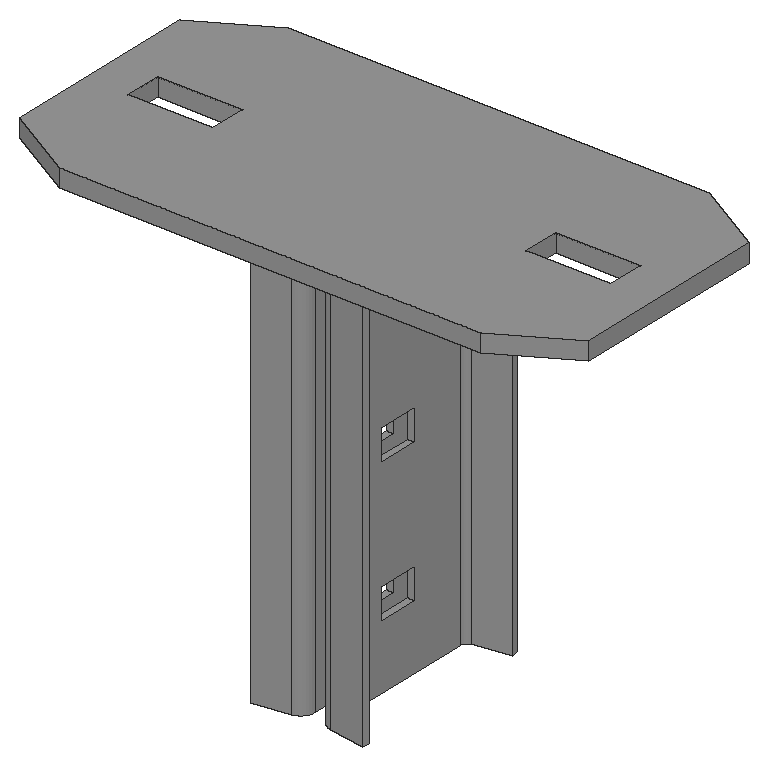
Revit family "Kopfplatte KI 8 NOK FT", category Generic Models, Revit 2017
Family settings
  Can host rebar = No
  Round Connector Dimension = Use Diameter
  Part Type = Normal
  Work Plane-Based = No
  Always vertical = Yes
  Cut with Voids When Loaded = No
  Shared = No
  Room Calculation Point = No
Parameters (values of type "KI 8 NOK FT")
  URL = "http://www.obo-bettermann.com"
  Material = Hot dip galvanised
  Manufacturer Art.No. = "6347061"
  Manufacturer = "OBO BETTERMANN"
  GTIN = "4012196190577"
  Cut's number = 3
  Article Type = "KI 8 NOK FT"
Reference planes
  plane 1 "Center (Front/Back)": y = 0
  plane 2: z = 0
  plane 3 "Center (Left/Right)": x = 0
  plane 4: y = 62.5
  plane 5: x = 17.5
  plane 6: x = -2.5
  plane 7: y = 62.5
  plane 8: x = -22.5
  plane 9: x = -2.5
  plane 10: y = 31.442
  plane 11: y = 66.442
  plane 12: y = -3.558
  plane 13: z = 150
  plane 14: z = 156.5
  plane 15: y = 31.442
  plane 16: x = 67.5
  plane 17: x = -72.5
  plane 18: y = 31.442
  plane 19: x = -72.5
  plane 20: x = 67.5
  plane 21: z = 28.03
  plane 22: y = 31.284
  plane 23: z = 78.03
  plane 24: y = 31.284
  plane 25: z = 128.03
  plane 26: y = 31.284
Forms (mm)
  Extrusion 1, solid, material "Hot dip galvanised" <- "Material"
    sketch origin (0, 0, 0) x (1, 0, 0) y (0, 1, 0)
      loop
        arc (0, 4.27) -> (1.198, 1.023) -> (4.218, -0.668) r 5
        line (4.218, -0.668) -> (17.147, -2.716) -> (17.539, -0.247) -> (4.609, 1.801)
        arc (4.609, 1.801) -> (3.099, 2.647) -> (2.5, 4.27) r 2.5
        line (2.5, 4.27) -> (2.5, 58.23)
        arc (2.5, 58.23) -> (3.099, 59.853) -> (4.609, 60.699) r 2.5
        line (4.609, 60.699) -> (17.545, 62.748) -> (17.154, 65.217) -> (4.218, 63.168)
        arc (4.218, 63.168) -> (1.198, 61.477) -> (0, 58.23) r 5
        line (0, 58.23) -> (0, 4.27)
    from 0 to 150
  Extrusion 2, solid, material "Hot dip galvanised" <- "Material"
    sketch origin (-5, 0, 0) x (-1, 0, 0) y (0, -1, 0)
      loop
        line (0, -4.27) -> (0, -58.23)
        arc (0, -58.23) -> (1.198, -61.477) -> (4.218, -63.168) r 5
        line (4.218, -63.168) -> (17.154, -65.217) -> (17.545, -62.748) -> (4.609, -60.699)
        arc (4.609, -60.699) -> (3.099, -59.853) -> (2.5, -58.23) r 2.5
        line (2.5, -58.23) -> (2.5, -4.27)
        arc (2.5, -4.27) -> (3.099, -2.647) -> (4.609, -1.801) r 2.5
        line (4.609, -1.801) -> (17.539, 0.247) -> (17.147, 2.716) -> (4.218, 0.668)
        arc (4.218, 0.668) -> (1.198, -1.023) -> (0, -4.27) r 5
    from 0 to 150
  Extrusion 3, solid, material "Hot dip galvanised" <- "Material"
    sketch origin (0, 0, 0) x (1, 0, 0) y (0, 1, 0)
      loop
        line (-76.519, 81.442) -> (-102.5, 66.442) -> (-102.5, -3.558) -> (-76.519, -18.558) -> (71.519, -18.558) -> (97.5, -3.558) -> (97.5, 66.442) -> (71.519, 81.442) -> (-76.519, 81.442)
    from 150 to 156.5
  Extrusion 4, void
    sketch origin (0, 0, 0) x (1, 0, 0) y (0, 1, 0)
      loop
        line (52.5, 37.942) -> (52.5, 24.942) -> (82.5, 24.942) -> (82.5, 37.942) -> (52.5, 37.942)
    from 150 to 156.5
  Extrusion 5, void
    sketch origin (-5, 0, 0) x (-1, 0, 0) y (0, -1, 0)
      loop
        line (52.5, -37.942) -> (82.5, -37.942) -> (82.5, -24.942) -> (52.5, -24.942) -> (52.5, -37.942)
    from 150 to 156.5
  Extrusion 6, void
    sketch origin (0, 0, 0) x (0, 1, 0) y (0, 0, 1)
      loop
        line (23.784, 33.53) -> (23.784, 22.53) -> (38.784, 22.53) -> (38.784, 33.53) -> (23.784, 33.53)
    from 0 to 2.5
  Extrusion 7, void
    sketch origin (0, 0, 50) x (0, 1, 0) y (0, 0, 1)
      loop
        line (23.784, 33.53) -> (23.784, 22.53) -> (38.784, 22.53) -> (38.784, 33.53) -> (23.784, 33.53)
    from 0 to 2.5
  Extrusion 8, void
    sketch origin (0, 0, 100) x (0, 1, 0) y (0, 0, 1)
      loop
        line (23.784, 33.53) -> (23.784, 22.53) -> (38.784, 22.53) -> (38.784, 33.53) -> (23.784, 33.53)
    from 0 to 2.5
  Extrusion 9, void
    sketch origin (0, 0, 0) x (0, 1, 0) y (0, 0, 1)
      loop
        line (38.784, 33.53) -> (23.784, 33.53) -> (23.784, 22.53) -> (38.784, 22.53) -> (38.784, 33.53)
    from -7.5 to -5
  Extrusion 10, void
    sketch origin (0, 0, 0) x (0, 1, 0) y (0, 0, 1)
      loop
        line (38.784, 133.53) -> (23.784, 133.53) -> (23.784, 122.53) -> (38.784, 122.53) -> (38.784, 133.53)
      loop
        line (38.784, 83.53) -> (23.784, 83.53) -> (23.784, 72.53) -> (38.784, 72.53) -> (38.784, 83.53)
    from -7.5 to -5
Cuts and joins
  Extrusion 4, Extrusion 5 cuts Extrusion 3
  Extrusion 6, Extrusion 7, Extrusion 8 cuts Extrusion 1
  Extrusion 9, Extrusion 10 cuts Extrusion 2
Dimensions and locks
  locked: Extrusion 1 sketch curve to Extrusion 1 sketch curve at 2.5  (x3)
  locked: Extrusion 1 sketch curve to Extrusion 1 sketch curve at 67.933
  locked: plane 6 to Extrusion 1 at 2.5
  locked: Extrusion 2 sketch curve to Extrusion 2 sketch curve at 2.5  (x3)
  locked: Extrusion 2 sketch curve to Extrusion 2 sketch curve at 67.933
  locked: Extrusion 2 to Extrusion 1 at 5
  locked: plane 9 to plane 3 "Center (Left/Right)" at 2.5
  locked: Extrusion 3 sketch curve to plane 9 at 100
  locked: plane 9 to Extrusion 3 sketch curve at 100
  locked: Extrusion 3 sketch curve to plane 10 at 50
  locked: plane 10 to Extrusion 3 sketch curve at 50
  locked: plane 11 to plane 10 at 35
  locked: plane 10 to plane 12 at 35
  Extrusion 3 sketch curve to Extrusion 3 sketch curve = 100 mm
  Extrusion 3 sketch curve to Extrusion 3 sketch curve = 200 mm
  locked: plane 13 to level at 150
  locked: plane 14 to Extrusion 3 at 6.5
  locked: Extrusion 3 to plane 15 at 50
  locked: plane 6 to plane 16 at 70
  locked: plane 17 to plane 6 at 70
  locked: Extrusion 4 sketch curve to Extrusion 4 sketch curve at 13
  locked: plane 15 to Extrusion 4 sketch curve at 6.5
  locked: Extrusion 4 sketch curve to Extrusion 4 sketch curve at 30
  locked: plane 16 to Extrusion 4 sketch curve at 15
  locked: Extrusion 5 sketch curve to Extrusion 5 sketch curve at 13
  locked: plane 18 to Extrusion 5 sketch curve at 6.5
  locked: Extrusion 5 sketch curve to Extrusion 5 sketch curve at 30
  locked: plane 19 to Extrusion 5 sketch curve at 15
  Extrusion 1 to Extrusion 1 = 67.933 mm
  locked: Extrusion 6 sketch curve to Extrusion 6 sketch curve at 15
  locked: plane 22 to Extrusion 6 sketch curve at 7.5
  locked: Extrusion 6 sketch curve to Extrusion 6 sketch curve at 11
  locked: plane 21 to Extrusion 6 sketch curve at 5.5
  locked: Extrusion 7 sketch curve to Extrusion 7 sketch curve at 15
  locked: plane 24 to Extrusion 7 sketch curve at 7.5
  locked: Extrusion 7 sketch curve to Extrusion 7 sketch curve at 11
  locked: plane 23 to Extrusion 7 sketch curve at 5.5
  equal spacing: group 1, group 2, group 3  (x3)
  locked: Extrusion 8 sketch curve to Extrusion 8 sketch curve at 15
  locked: plane 26 to Extrusion 8 sketch curve at 7.5
  locked: Extrusion 8 sketch curve to Extrusion 8 sketch curve at 11
  locked: plane 25 to Extrusion 8 sketch curve at 5.5
  aligned and locked: level to plane 2
  aligned and locked: plane 13 to Extrusion 1
  aligned and locked: Extrusion 1 to Extrusion 2
  aligned and locked: Extrusion 1 to level
  aligned and locked: Extrusion 2 to level
  aligned and locked: Extrusion 3 to Extrusion 1
  aligned and locked: Extrusion 3 to plane 14
  aligned and locked: Extrusion 3 to Extrusion 4
  aligned and locked: Extrusion 1 to Extrusion 4
  aligned and locked: Extrusion 1 to Extrusion 6
  aligned and locked: Extrusion 6 to plane 3 "Center (Left/Right)"
  aligned and locked: Extrusion 9 sketch curve to cut or joined group of Extrusion 1, Extrusion 6, Extrusion 7, Extrusion 8  (x4)
  aligned and locked: Extrusion 2 to Extrusion 9  (x2)
  aligned and locked: Extrusion 10 sketch curve to cut or joined group of Extrusion 1, Extrusion 6, Extrusion 7, Extrusion 8  (x8)
  aligned and locked: Extrusion 2 to Extrusion 10  (x2)
Automatic sketch dimensions
  Extrusion 1 sketch curve to Extrusion 1 sketch curve = 0 mm  (x4)
  Extrusion 1 sketch curve to plane 3 "Center (Left/Right)" = 0 mm
  plane 4 to Extrusion 1 sketch curve = 0.668 mm
  plane 3 "Center (Left/Right)" to Extrusion 1 sketch curve = 4.218 mm  (x2)
  plane 1 "Center (Front/Back)" to Extrusion 1 sketch curve = 0.668 mm
  Extrusion 1 sketch curve to plane 4 = 1.801 mm
  Extrusion 1 sketch curve to plane 1 "Center (Front/Back)" = 1.801 mm
  Extrusion 1 sketch curve to plane 5 = 0.353 mm
  Extrusion 2 sketch curve to Extrusion 2 sketch curve = 0 mm  (x4)
  plane 6 to Extrusion 2 sketch curve = 2.5 mm
  Extrusion 2 sketch curve to plane 7 = 0.668 mm
  Extrusion 2 sketch curve to Extrusion 2 sketch curve = 1.718 mm  (x2)
  Extrusion 2 sketch curve to plane 1 "Center (Front/Back)" = 0.668 mm
  plane 7 to Extrusion 2 sketch curve = 1.801 mm
  plane 1 "Center (Front/Back)" to Extrusion 2 sketch curve = 1.801 mm
  plane 8 to Extrusion 2 sketch curve = 0.353 mm
  Extrusion 3 sketch curve to plane 12 = 0 mm
  plane 12 to Extrusion 3 sketch curve = 0 mm
  Extrusion 3 sketch curve to plane 11 = 0 mm
  plane 11 to Extrusion 3 sketch curve = 0 mm
  Extrusion 3 sketch curve to Extrusion 3 sketch curve = 25.981 mm  (x4)
